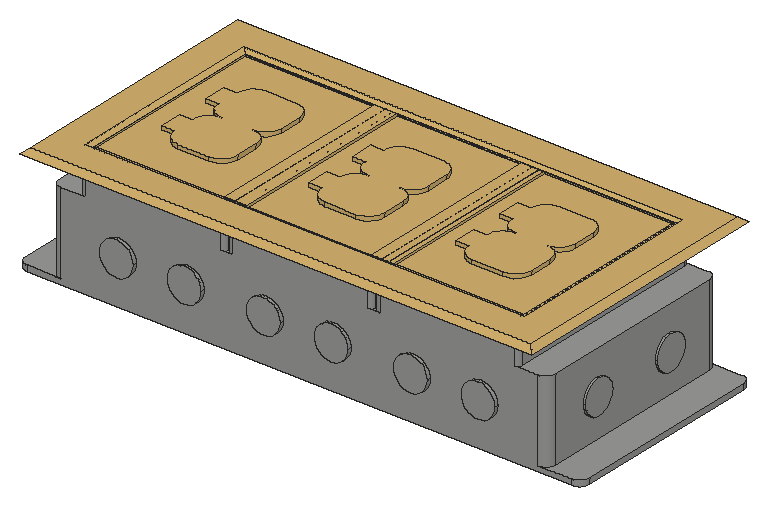
Revit family "Electrical_Equipment-Floor_Box-Hubbell_Wiring-3_Gang-Rectangular_Stamped_Steel-B2423", category Electrical Fixtures, host Face, Revit 2015
Parameters (values of type "B2423 - 3 Gang - Brass Collar")
  Unit Height [instance] = 0' - 2 3/4"  # constant formula
  URL = "http://www.hubbell-wiring.com/"
  Right Cover Type [instance] = Covers : S3825 - Duplex Flap - Brass
  Product data url = "https://bimobject.com/hubbellwiring/product/systemone-b2423"
  Product Page URL = "http://ecatalog.hubbell-wiring.com/productinformation/viewcatalog.aspx?Dest=hubbell-wiring.com/press/catalog/L.pdf&Page=4"
  Product Documentation Link = "http://ecatalog.hubbell-wiring.com/press/catalog/L-13.pdf"
  Model = "B2423"
  Manufacturer = "Hubbell-Wiring"  # constant formula
  Left Cover Type [instance] = Covers : S3825 - Duplex Flap - Brass
  Floor Box Type = Stamped Steel Concrete Floor Box : B2423 - Shallow Concrete Floor Box
  Description = "Flush Rectangular Stamped Steel Concrete Floor Box"  # constant formula
  Default Elevation = 0' - 0"
  Cover Accessory Type [instance] = Carpet Flange : SB3085 - Carpet Flange - Brass
  Construction Note [instance] = "Match Collar Material to Covers"  # constant formula
  Conduit Connector_9 Description = "Conduit 0.75in. or 0.5in. Connection"
  Conduit Connector_8 Description = "Conduit 0.75in. or 0.5in. Connection"
  Conduit Connector_7 Description = "Conduit 0.75in. or 0.5in. Connection"
  Conduit Connector_6 Description = "Conduit 0.75in. or 0.5in. Connection"
  Conduit Connector_5 Description = "Conduit 0.75in. or 0.5in. Connection"
  Conduit Connector_4 Description = "Conduit 0.75in. or 0.5in. Connection"
  Conduit Connector_3 Description = "Conduit 0.75in. or 0.5in. Connection"
  Conduit Connector_22 Description = "Conduit 1.25in, 1.0in or 0.75in. Connection"
  Conduit Connector_21 Description = "Conduit 1.25in, 1.0in or 0.75in. Connection"
  Conduit Connector_20 Description = "Conduit 1.25in, 1.0in or 0.75in. Connection"
  Conduit Connector_2 Description = "Conduit 0.75in. or 0.5in. Connection"
  Conduit Connector_19 Description = "Conduit 1.25in, 1.0in or 0.75in. Connection"
  Conduit Connector_18 Description = "Conduit 1.25in, 1.0in or 0.75in. Connection"
  Conduit Connector_17 Description = "Conduit 1.25in, 1.0in or 0.75in. Connection"
  Conduit Connector_16 Description = "Conduit 0.75in. or 0.5in. Connection"
  Conduit Connector_15 Description = "Conduit 0.75in. or 0.5in. Connection"
  Conduit Connector_14 Description = "Conduit 0.75in. or 0.5in. Connection"
  Conduit Connector_13 Description = "Conduit 0.75in. or 0.5in. Connection"
  Conduit Connector_12 Description = "Conduit 0.75in. or 0.5in. Connection"
  Conduit Connector_11 Description = "Conduit 0.75in. or 0.5in. Connection"
  Conduit Connector_10 Description = "Conduit 0.75in. or 0.5in. Connection"
  Conduit Connector_1 Description = "Conduit 0.75in. or 0.5in. Connection"
  Conduit Connector 2 Radius = 0' - 0 5/8"
  Conduit Connector 1 Radius = 0' - 0 3/8"
  Collar Material = Metal-Hubbell-Brass
  Center Cover Type [instance] = Covers : S3825 - Duplex Flap - Brass
  Box Material = Metal-Hubbell-Stamped Steel
  Assembly Code = "D5020115"
Reference planes (in)
  plane 1 "Center (Front/Back)": y = 0
  plane 2: z = 0
  plane 3 "Center (Left/Right)": x = 0
  plane 4: y = -2.078
  plane 5: y = 2.078
  plane 6: x = -4.8627
  plane 7: x = 4.8627
Forms (in)
  Extrusion 1, void, detail levels fine
    sketch origin (0, 0, 0) x (1, 0, 0) y (0, 1, 0)
      loop
        line (-4.8627, 2.078) -> (-4.8627, -2.078) -> (4.8627, -2.078) -> (4.8627, 2.078) -> (-4.8627, 2.078)
    from 0 to -3.71875
Lines and regions (in)
  symbolic lines
    curve 1: line (-5.66992, -3, 0) -> (5.66992, -3, 0)
    curve 2: line (-5.66992, 3, 0) -> (-5.66992, -3, 0)
    curve 3: line (5.66992, 3, 0) -> (-5.66992, 3, 0)
    curve 4: line (5.66992, -3, 0) -> (5.66992, 3, 0)
Dimensions and locks (in)
  host face to nested 2 = 0' - 0 11/256"
  plane 5 to plane 1 "Center (Front/Back)" to plane 4 = 0' - 2.078" locked, 0' - 2.078" locked
  plane 6 to plane 3 "Center (Left/Right)" to plane 7 = 0' - 4.8627", 0' - 4.8627"
  Extrusion 1 to plane 3 "Center (Left/Right)" = 0' - 4.8627"
  plane 6 to plane 3 "Center (Left/Right)" to plane 7 = 0' - 4.8627" locked, 0' - 4.8627" locked
  host face to nested 5 = 0' - 1 3/4"
  locked: host face to nested 2 at 0.09313
  locked: nested 5 to host face at 0.0625
  aligned and locked: plane 2 to host face
  aligned and locked: level to host face
  aligned: level to Extrusion 1
  aligned and locked: plane 1 "Center (Front/Back)" to nested 1
  aligned and locked: plane 3 "Center (Left/Right)" to nested 1
  aligned: nested 1 to plane 2  (x3)
  aligned: nested 1 to Extrusion 1  (x2)
  aligned and locked: host face to Extrusion 1
  aligned: plane 3 "Center (Left/Right)" to nested 2
  aligned and locked: plane 1 "Center (Front/Back)" to nested 2
  aligned and locked: Extrusion 1 to plane 5
  aligned and locked: Extrusion 1 to plane 4
  aligned and locked: plane 6 to Extrusion 1
  aligned and locked: plane 7 to Extrusion 1
  aligned and locked: plane 1 "Center (Front/Back)" to nested 3
  aligned and locked: plane 3 "Center (Left/Right)" to nested 4
  aligned and locked: plane 1 "Center (Front/Back)" to nested 4
  aligned: plane 2 to nested 2
  aligned and locked: nested 1 to plane 2
  aligned and locked: nested 2 to nested 4
  aligned and locked: nested 2 to nested 3
  aligned and locked: curve 1 to nested 1
  aligned and locked: curve 2 to nested 1
  aligned and locked: curve 3 to nested 1
  aligned and locked: curve 4 to nested 1
Nested families (in)
  nested 1: "Carpet Flange" at (0, 0, 0), type <- "Cover Accessory Type", type "SB3085 - Carpet Flange - Brass"
  nested 2: "Covers" at (-3.25824, 0, -0.04297), type <- "Left Cover Type", type "S3825 - Duplex Flap - Brass"
  nested 3: "Covers" at (3.2578, 0, -0.04297), type <- "Right Cover Type", type "S3825 - Duplex Flap - Brass"
  nested 4: "Covers" at (0, 0, -0.04297), type <- "Center Cover Type", type "S3825 - Duplex Flap - Brass"
  nested 5: "Stamped Steel Concrete Floor Box" at (0, 0, 0), Unit Height <- "Unit Height", type <- "Floor Box Type", type "B2423 - Shallow Concrete Floor Box"
    with Unit Height 0' - 2 3/4"
Connectors (in)
  cabletrayconduit at (-4.00824, -2.4075, -1.75), diameter 0.75, driven by "Conduit Connector 1 Radius", driven by "Conduit Connector_1 Description"
    settings: on nested 5, index 1, connector width 1' - 0", connector height 1' - 0", connector angle 0.00°, system type 32, placement type 0, profile type 0, connector reference index -1, is primary connector yes, connector utility param no, connector description "Conduit 0.75in. or 0.5in. Connection"
  cabletrayconduit at (-2.50824, -2.4075, -1.75), diameter 0.75, driven by "Conduit Connector 1 Radius", driven by "Conduit Connector_2 Description"
    settings: on nested 5, index 2, connector width 1' - 0", connector height 1' - 0", connector angle 0.00°, system type 32, placement type 0, profile type 0, connector reference index -1, is primary connector no, connector utility param no, connector description "Conduit 0.75in. or 0.5in. Connection"
  cabletrayconduit at (-0.74956, -2.4075, -1.75), diameter 0.75, driven by "Conduit Connector 1 Radius", driven by "Conduit Connector_3 Description"
    settings: on nested 5, index 3, connector width 1' - 0", connector height 1' - 0", connector angle 0.00°, system type 32, placement type 0, profile type 0, connector reference index -1, is primary connector no, connector utility param no, connector description "Conduit 0.75in. or 0.5in. Connection"
  cabletrayconduit at (0.75044, -2.4075, -1.75), diameter 0.75, driven by "Conduit Connector 1 Radius", driven by "Conduit Connector_4 Description"
    settings: on nested 5, index 4, connector width 1' - 0", connector height 1' - 0", connector angle 0.00°, system type 32, placement type 0, profile type 0, connector reference index -1, is primary connector no, connector utility param no, connector description "Conduit 0.75in. or 0.5in. Connection"
  cabletrayconduit at (2.50824, -2.4075, -1.75), diameter 0.75, driven by "Conduit Connector 1 Radius", driven by "Conduit Connector_5 Description"
    settings: on nested 5, index 5, connector width 1' - 0", connector height 1' - 0", connector angle 0.00°, system type 32, placement type 0, profile type 0, connector reference index -1, is primary connector no, connector utility param no, connector description "Conduit 0.75in. or 0.5in. Connection"
  cabletrayconduit at (4.00824, -2.4075, -1.75), diameter 0.75, driven by "Conduit Connector 1 Radius", driven by "Conduit Connector_6 Description"
    settings: on nested 5, index 6, connector width 1' - 0", connector height 1' - 0", connector angle 0.00°, system type 32, placement type 0, profile type 0, connector reference index -1, is primary connector no, connector utility param no, connector description "Conduit 0.75in. or 0.5in. Connection"
  cabletrayconduit at (5.55938, -1, -1.75), diameter 0.75, driven by "Conduit Connector 1 Radius", driven by "Conduit Connector_7 Description"
    settings: on nested 5, index 7, connector width 1' - 0", connector height 1' - 0", connector angle 0.00°, system type 32, placement type 0, profile type 0, connector reference index -1, is primary connector no, connector utility param no, connector description "Conduit 0.75in. or 0.5in. Connection"
  cabletrayconduit at (5.55938, 1, -1.75), diameter 0.75, driven by "Conduit Connector 1 Radius", driven by "Conduit Connector_8 Description"
    settings: on nested 5, index 8, connector width 1' - 0", connector height 1' - 0", connector angle 0.00°, system type 32, placement type 0, profile type 0, connector reference index -1, is primary connector no, connector utility param no, connector description "Conduit 0.75in. or 0.5in. Connection"
  cabletrayconduit at (4.00824, 2.4075, -1.75), diameter 0.75, driven by "Conduit Connector 1 Radius", driven by "Conduit Connector_9 Description"
    settings: on nested 5, index 9, connector width 1' - 0", connector height 1' - 0", connector angle 0.00°, system type 32, placement type 0, profile type 0, connector reference index -1, is primary connector no, connector utility param no, connector description "Conduit 0.75in. or 0.5in. Connection"
  cabletrayconduit at (2.50824, 2.4075, -1.75), diameter 0.75, driven by "Conduit Connector 1 Radius", driven by "Conduit Connector_10 Description"
    settings: on nested 5, index 10, connector width 1' - 0", connector height 1' - 0", connector angle 0.00°, system type 32, placement type 0, profile type 0, connector reference index -1, is primary connector no, connector utility param no, connector description "Conduit 0.75in. or 0.5in. Connection"
  cabletrayconduit at (0.75044, 2.4075, -1.75), diameter 0.75, driven by "Conduit Connector 1 Radius", driven by "Conduit Connector_11 Description"
    settings: on nested 5, index 11, connector width 1' - 0", connector height 1' - 0", connector angle 0.00°, system type 32, placement type 0, profile type 0, connector reference index -1, is primary connector no, connector utility param no, connector description "Conduit 0.75in. or 0.5in. Connection"
  cabletrayconduit at (-0.74956, 2.4075, -1.75), diameter 0.75, driven by "Conduit Connector 1 Radius", driven by "Conduit Connector_12 Description"
    settings: on nested 5, index 12, connector width 1' - 0", connector height 1' - 0", connector angle 0.00°, system type 32, placement type 0, profile type 0, connector reference index -1, is primary connector no, connector utility param no, connector description "Conduit 0.75in. or 0.5in. Connection"
  cabletrayconduit at (-2.50824, 2.4075, -1.75), diameter 0.75, driven by "Conduit Connector 1 Radius", driven by "Conduit Connector_13 Description"
    settings: on nested 5, index 13, connector width 1' - 0", connector height 1' - 0", connector angle 0.00°, system type 32, placement type 0, profile type 0, connector reference index -1, is primary connector no, connector utility param no, connector description "Conduit 0.75in. or 0.5in. Connection"
  cabletrayconduit at (-4.00824, 2.4075, -1.75), diameter 0.75, driven by "Conduit Connector 1 Radius", driven by "Conduit Connector_14 Description"
    settings: on nested 5, index 14, connector width 1' - 0", connector height 1' - 0", connector angle 0.00°, system type 32, placement type 0, profile type 0, connector reference index -1, is primary connector no, connector utility param no, connector description "Conduit 0.75in. or 0.5in. Connection"
  cabletrayconduit at (-5.56562, 1, -1.75), diameter 0.75, driven by "Conduit Connector 1 Radius", driven by "Conduit Connector_15 Description"
    settings: on nested 5, index 15, connector width 1' - 0", connector height 1' - 0", connector angle 0.00°, system type 32, placement type 0, profile type 0, connector reference index -1, is primary connector no, connector utility param no, connector description "Conduit 0.75in. or 0.5in. Connection"
  cabletrayconduit at (-5.56562, -1, -1.75), diameter 0.75, driven by "Conduit Connector 1 Radius", driven by "Conduit Connector_16 Description"
    settings: on nested 5, index 16, connector width 1' - 0", connector height 1' - 0", connector angle 0.00°, system type 32, placement type 0, profile type 0, connector reference index -1, is primary connector no, connector utility param no, connector description "Conduit 0.75in. or 0.5in. Connection"
  cabletrayconduit at (-3.25824, -1, -2.8125), diameter 1.25, driven by "Conduit Connector 2 Radius", driven by "Conduit Connector_17 Description"
    settings: on nested 5, index 17, connector width 1' - 0", connector height 1' - 0", connector angle 0.00°, system type 32, placement type 0, profile type 0, connector reference index -1, is primary connector no, connector utility param no, connector description "Conduit 1.25in, 1.0in or 0.75in. Connection"
  cabletrayconduit at (0, -1, -2.8125), diameter 1.25, driven by "Conduit Connector 2 Radius", driven by "Conduit Connector_18 Description"
    settings: on nested 5, index 18, connector width 1' - 0", connector height 1' - 0", connector angle 0.00°, system type 32, placement type 0, profile type 0, connector reference index -1, is primary connector no, connector utility param no, connector description "Conduit 1.25in, 1.0in or 0.75in. Connection"
  cabletrayconduit at (3.25824, -1, -2.8125), diameter 1.25, driven by "Conduit Connector 2 Radius", driven by "Conduit Connector_19 Description"
    settings: on nested 5, index 19, connector width 1' - 0", connector height 1' - 0", connector angle 0.00°, system type 32, placement type 0, profile type 0, connector reference index -1, is primary connector no, connector utility param no, connector description "Conduit 1.25in, 1.0in or 0.75in. Connection"
  cabletrayconduit at (3.25824, 1, -2.8125), diameter 1.25, driven by "Conduit Connector 2 Radius", driven by "Conduit Connector_20 Description"
    settings: on nested 5, index 20, connector width 1' - 0", connector height 1' - 0", connector angle 0.00°, system type 32, placement type 0, profile type 0, connector reference index -1, is primary connector no, connector utility param no, connector description "Conduit 1.25in, 1.0in or 0.75in. Connection"
  cabletrayconduit at (0, 1, -2.8125), diameter 1.25, driven by "Conduit Connector 2 Radius", driven by "Conduit Connector_21 Description"
    settings: on nested 5, index 21, connector width 1' - 0", connector height 1' - 0", connector angle 0.00°, system type 32, placement type 0, profile type 0, connector reference index -1, is primary connector no, connector utility param no, connector description "Conduit 1.25in, 1.0in or 0.75in. Connection"
  cabletrayconduit at (-3.25824, 1, -2.8125), diameter 1.25, driven by "Conduit Connector 2 Radius", driven by "Conduit Connector_22 Description"
    settings: on nested 5, index 22, connector width 1' - 0", connector height 1' - 0", connector angle 0.00°, system type 32, placement type 0, profile type 0, connector reference index -1, is primary connector no, connector utility param no, connector description "Conduit 1.25in, 1.0in or 0.75in. Connection"
Definition of nested family "Carpet Flange"
  Parameters
    Width = 0' - 6"
    Length = 0' - 11 87/256"  # constant formula
    Cover Material = none
    Carpet Flange On = yes
    Assembly Code = ""
  Reference planes (in)
    plane 1 "Center (Front/Back)": y = 0
    plane 2: z = 0
    plane 3 "Center (Left/Right)": x = 0
    plane 4: z = 0.125
  Forms (in)
    Sweep 1, solid, material <- "Cover Material", visible <- "Carpet Flange On"
      path in 3D
        loop
          line (-5.66992, -3, 0) -> (5.66992, -3, 0) -> (5.66992, 3, 0) -> (-5.66992, 3, 0) -> (-5.66992, -3, 0)
      profile origin (-5.66992, 0, 0) x (1, 0, 0) y (0, 0, 1)
        loop
          line (0, 0) -> (0.91498, 0) -> (0.91498, 0.03877) -> (0.79, 0.125) -> (0.125, 0.125) -> (0, 0)
  Lines and regions (in)
    Masking region 1
      outline origin (3.27995, 0.00006, 0) x (1, 0, 0) y (0, 1, 0)
        loop
          line (-8.94987, 3.00006) -> (-8.94987, -3.00006) -> (2.38997, -3.00006) -> (2.38997, 3.00006) -> (-8.94987, 3.00006)
    reference lines
      curve 1: line (-5.66992, 3, 0) -> (-5.66992, -3, 0)
      curve 2: line (-5.66992, -3, 0) -> (5.66992, -3, 0)
      curve 3: line (5.66992, -3, 0) -> (5.66992, 3, 0)
      curve 4: line (5.66992, 3, 0) -> (-5.66992, 3, 0)
    sketch lines
      curve 5: line (-5.66992, 3, 0) -> (-5.66992, -3, 0)
      curve 6: line (5.66992, 3, 0) -> (-5.66992, 3, 0)
      curve 7: line (5.66992, -3, 0) -> (5.66992, 3, 0)
      curve 8: line (-5.66992, -3, 0) -> (5.66992, -3, 0)
  Dimensions and locks (in)
    "Length": curve 1 to curve 3
    equal spacing: curve 1, plane 3 "Center (Left/Right)", curve 3
    aligned and locked: plane 2 to level
    aligned and locked: curve 7 to curve 3
    aligned and locked: Masking region 1 to curve 3
    aligned and locked: Masking region 1 to curve 1
    aligned and locked: curve 5 to curve 1
  Automatic sketch dimensions
    plane 1 "Center (Front/Back)" to curve 1 = 0' - 3"
    curve 3 to plane 1 "Center (Front/Back)" = 0' - 3"
    Masking region 1 sketch curve to plane 3 "Center (Left/Right)" = 0' - 5.66992"
    plane 3 "Center (Left/Right)" to Masking region 1 sketch curve = 0' - 5.66992"
    plane 1 "Center (Front/Back)" to Masking region 1 sketch curve = 0' - 3"
    Masking region 1 sketch curve to plane 1 "Center (Front/Back)" = 0' - 3.00011"
    profile plane to Sweep 1 sketch curve = 0' - 0"  (x2)
    Sweep 1 sketch curve to plane 4 = 0' - 0"
    Sweep 1 sketch curve to profile plane = 0' - 0"  (x2)
    Sweep 1 sketch curve to profile plane = 0' - 0 1/8"
    Sweep 1 sketch curve to Sweep 1 sketch curve = 0' - 0.665"
    Sweep 1 sketch curve to Sweep 1 sketch curve = 0' - 0 1/8"
    profile plane to Sweep 1 sketch curve = 0' - 0.03877"
Definition of nested family "Covers"
  Parameters
    Style Line Flap = no
    Duplex Screw = no
    Duplex Flap = yes
    Cover Material = none
    Combination Flap = no
    Box = yes
    Assembly Code = ""
  Reference planes (in)
    plane 1 "Center (Front/Back)": y = 0
    plane 2: z = 0
    plane 3 "Center (Left/Right)": x = 0
  Forms (in)
    Extrusion 1, solid, material <- "Cover Material", visible <- "Duplex Flap", detail levels medium+fine
      sketch origin (0, 0, -0.03016) x (1, 0, 0) y (0, 1, 0)
        loop
          arc (-0.34332, 1.20711) -> (-0.59332, 1.10355) -> (-0.69687, 0.85355) r 0.35355
          line (-0.69687, 0.85355) -> (-0.98976, 0.85355) -> (-0.98976, 0.35355) -> (-0.69687, 0.35355)
          arc (-0.69687, 0.35355) -> (-0.59332, 0.10355) -> (-0.34332, 0) r 0.35355
          arc (-0.34332, 0) -> (-0.59332, -0.10355) -> (-0.69687, -0.35355) r 0.35355
          line (-0.69687, -0.35355) -> (-0.98976, -0.35355) -> (-0.98976, -0.85355) -> (-0.69687, -0.85355)
          arc (-0.69687, -0.85355) -> (-0.59332, -1.10355) -> (-0.34332, -1.20711) r 0.35355
          line (-0.34332, -1.20711) -> (0.34332, -1.20711)
          arc (0.34332, -1.20711) -> (0.59332, -1.10355) -> (0.69687, -0.85355) r 0.35355
          line (0.69687, -0.85355) -> (0.69687, -0.35355)
          arc (0.69687, -0.35355) -> (0.59332, -0.10355) -> (0.34332, 0) r 0.35355
          arc (0.34332, 0) -> (0.59332, 0.10355) -> (0.69687, 0.35355) r 0.35355
          line (0.69687, 0.35355) -> (0.69687, 0.85355)
          arc (0.69687, 0.85355) -> (0.59332, 1.10355) -> (0.34332, 1.20711) r 0.35355
          line (0.34332, 1.20711) -> (-0.34332, 1.20711)
      from 0.12 to 0.20228
    Extrusion 2, solid, material <- "Cover Material", visible <- "Combination Flap", detail levels medium+fine
      sketch origin (0.0053, 0, -0.03016) x (1, 0, 0) y (0, 1, 0)
        loop
          circle (0, 0) r 1
        loop
          line (-0.08565, 0.54465) -> (-0.08565, -0.54465) -> (0.0625, -0.54465) -> (0.0625, 0.54465) -> (-0.08565, 0.54465)
      from 0.12 to 0.20228
    Extrusion 3, solid, material <- "Cover Material", visible <- "Duplex Screw", detail levels medium+fine
      sketch origin (0.01567, 0.75003, -0.03016) x (1, 0, 0) y (0, 1, 0)
        loop
          circle (-0.01567, -0.00003) r 0.75
        loop
          line (-0.07309, 0.39733) -> (-0.07309, -0.41965) -> (0.0625, -0.41965) -> (0.0625, 0.39733) -> (-0.07309, 0.39733)
      from 0.12 to 0.20228
    Extrusion 4, solid, material <- "Cover Material", visible <- "Duplex Screw", detail levels medium+fine
      sketch origin (-0.01567, -0.75003, -0.03016) x (-1, 0, 0) y (0, -1, 0)
        loop
          circle (-0.01567, -0.00003) r 0.75
        loop
          line (-0.07309, 0.39733) -> (-0.07309, -0.41965) -> (0.0625, -0.41965) -> (0.0625, 0.39733) -> (-0.07309, 0.39733)
      from 0.12 to 0.20228
    Extrusion 5, solid, material <- "Cover Material", visible <- "Box"
      sketch origin (0, 0, 0.38984) x (1, 0, 0) y (0, 1, 0)
        loop
          line (-1.4965, 2.078) -> (-1.4965, -2.078) -> (1.4965, -2.078) -> (1.4965, 2.078) -> (-1.4965, 2.078)
      from -0.44 to -0.3
    Extrusion 6, solid, material <- "Cover Material", visible <- "Style Line Flap", detail levels medium+fine
      sketch origin (0, 0, -0.03016) x (1, 0, 0) y (0, 1, 0)
        loop
          line (-0.69687, 1.20711) -> (-0.69687, 0.85355) -> (-0.98976, 0.85355) -> (-0.98976, 0.35355) -> (-0.69687, 0.35355) -> (-0.69687, -0.35355) -> (-0.98976, -0.35355) -> (-0.98976, -0.85355) -> (-0.69687, -0.85355) -> (-0.69687, -1.20711) -> (0.69687, -1.20711) -> (0.69687, -0.24767) -> (0.69687, 1.20711) -> (-0.69687, 1.20711)
      from 0.12 to 0.20228
  Lines and regions (in)
    Masking region 1, detail levels medium+fine
      outline origin (0, 0, 0) x (1, 0, 0) y (0, 1, 0)
        loop
          line (-1.4965, 2.078) -> (-1.4965, -2.078) -> (1.4965, -2.078) -> (1.4965, 2.078) -> (-1.4965, 2.078)
    symbolic lines, visible <- "Duplex Screw", detail levels fine
      curve 1: arc (0, 1.5, 0) -> (-0.75, 0.75, 0) -> (0, 0, 0) r 0.75
      curve 2: arc (0, 0, 0) -> (0.75, 0.75, 0) -> (0, 1.5, 0) r 0.75
      curve 3: line (0.07893, 1.16886, 0) -> (0.07893, 0.35188, 0)
      curve 4: line (0.07893, 0.35188, 0) -> (-0.05666, 0.35188, 0)
      curve 5: line (-0.05666, 0.35188, 0) -> (-0.05666, 1.16886, 0)
      curve 6: line (-0.05666, 1.16886, 0) -> (0.07893, 1.16886, 0)
      curve 7: arc (0, 0, 0) -> (-0.75, -0.75, 0) -> (0, -1.5, 0) r 0.75
      curve 8: arc (0, -1.5, 0) -> (0.75, -0.75, 0) -> (0, 0, 0) r 0.75
      curve 9: line (-0.05666, -1.14812, 0) -> (-0.05666, -0.33114, 0)
      curve 10: line (0.07893, -1.14812, 0) -> (-0.05666, -1.14812, 0)
      curve 11: line (0.07893, -0.33114, 0) -> (0.07893, -1.14812, 0)
      curve 12: line (-0.05666, -0.33114, 0) -> (0.07893, -0.33114, 0)
    symbolic lines, visible <- "Duplex Flap", detail levels fine
      curve 13: arc (-0.69687, -0.85355, 0) -> (-0.59332, -1.10355, 0) -> (-0.34332, -1.20711, 0) r 0.35355
      curve 14: line (-0.34332, -1.20711, 0) -> (0.34332, -1.20711, 0)
      curve 15: arc (0.34332, -1.20711, 0) -> (0.59332, -1.10355, 0) -> (0.69687, -0.85355, 0) r 0.35355
      curve 16: line (0.69687, -0.85355, 0) -> (0.69687, -0.35355, 0)
      curve 17: arc (0.69687, -0.35355, 0) -> (0.59332, -0.10355, 0) -> (0.34332, 0, 0) r 0.35355
      curve 18: arc (0.34332, 0, 0) -> (0.59332, 0.10355, 0) -> (0.69687, 0.35355, 0) r 0.35355
      curve 19: line (0.69687, 0.35355, 0) -> (0.69687, 0.85355, 0)
      curve 20: arc (0.69687, 0.85355, 0) -> (0.59332, 1.10355, 0) -> (0.34332, 1.20711, 0) r 0.35355
      curve 21: line (0.34332, 1.20711, 0) -> (-0.34332, 1.20711, 0)
      curve 22: arc (-0.34332, 1.20711, 0) -> (-0.59332, 1.10355, 0) -> (-0.69687, 0.85355, 0) r 0.35355
      curve 23: line (-0.69687, 0.85355, 0) -> (-0.98976, 0.85355, 0)
      curve 24: line (-0.98976, 0.85355, 0) -> (-0.98976, 0.35355, 0)
      curve 25: line (-0.98976, 0.35355, 0) -> (-0.69687, 0.35355, 0)
      curve 26: arc (-0.69687, 0.35355, 0) -> (-0.59332, 0.10355, 0) -> (-0.34332, 0, 0) r 0.35355
      curve 27: arc (-0.34332, 0, 0) -> (-0.59332, -0.10355, 0) -> (-0.69687, -0.35355, 0) r 0.35355
      curve 28: line (-0.69687, -0.35355, 0) -> (-0.98976, -0.35355, 0)
      curve 29: line (-0.98976, -0.35355, 0) -> (-0.98976, -0.85355, 0)
      curve 30: line (-0.98976, -0.85355, 0) -> (-0.69687, -0.85355, 0)
    symbolic lines, visible <- "Combination Flap", detail levels fine
      curve 31: arc (-0.9947, 0, 0) -> (0.0053, -1, 0) -> (1.0053, 0, 0) r 1
      curve 32: arc (1.0053, 0, 0) -> (0.0053, 1, 0) -> (-0.9947, 0, 0) r 1
      curve 33: line (-0.08035, -0.54465, 0) -> (-0.08035, 0.54465, 0)
      curve 34: line (-0.08035, 0.54465, 0) -> (0.0678, 0.54465, 0)
      curve 35: line (0.0678, 0.54465, 0) -> (0.0678, -0.54465, 0)
      curve 36: line (0.0678, -0.54465, 0) -> (-0.08035, -0.54465, 0)
    symbolic lines, visible <- "Style Line Flap", detail levels fine
      curve 37: line (0.69687, 1.20711, 0) -> (-0.69687, 1.20711, 0)
      curve 38: line (-0.69687, 1.20711, 0) -> (-0.69687, 0.85355, 0)
      curve 39: line (-0.69687, 0.85355, 0) -> (-0.98976, 0.85355, 0)
      curve 40: line (-0.98976, 0.85355, 0) -> (-0.98976, 0.35355, 0)
      curve 41: line (-0.98976, 0.35355, 0) -> (-0.69687, 0.35355, 0)
      curve 42: line (-0.69687, 0.35355, 0) -> (-0.69687, -0.35355, 0)
      curve 43: line (-0.69687, -0.35355, 0) -> (-0.98976, -0.35355, 0)
      curve 44: line (-0.98976, -0.35355, 0) -> (-0.98976, -0.85355, 0)
      curve 45: line (-0.98976, -0.85355, 0) -> (-0.69687, -0.85355, 0)
      curve 46: line (-0.69687, -0.85355, 0) -> (-0.69687, -1.20711, 0)
      curve 47: line (-0.69687, -1.20711, 0) -> (0.69687, -1.20711, 0)
      curve 48: line (0.69687, -1.20711, 0) -> (0.69687, -0.24767, 0)
      curve 49: line (0.69687, -0.24767, 0) -> (0.69687, 1.20711, 0)
  Dimensions and locks (in)
    aligned and locked: plane 2 to level
Definition of nested family "Stamped Steel Concrete Floor Box"
  Parameters
    Unit Height [instance] = 0' - 2 3/4"  # constant formula
    Cover Material = none
    Conduit Connector Offset = 0' - 1"  # constant formula
    Conduit Connector 2 Radius = 0' - 0 5/8"
    Conduit Connector 1 Radius = 0' - 0 3/8"
    Can Material = none
    Assembly Code = ""
  Reference planes (in)
    plane 1 "Center (Front/Back)": y = 0
    plane 2: z = 0
    plane 3 "Center (Left/Right)": x = 0
    plane 4: z = -2.75
    plane 5: z = -1.75
    plane 6: z = -0.82416
    plane 7: z = -2.625
    plane 8: x = -3.25824
    plane 9: x = 3.2578
  Forms (in)
    Extrusion 1, solid, material <- "Can Material"
      sketch origin (0.92025, 0.30752, 7.9375) x (1, 0, 0) y (0, 1, 0)
        loop
          arc (-6.21356, 2.03748) -> (-6.36192, 1.97602) -> (-6.42337, 1.82766) r 0.20982
          line (-6.42337, 1.82766) -> (-6.42337, -2.43885)
          arc (-6.42337, -2.43885) -> (-6.36267, -2.5854) -> (-6.21613, -2.6461) r 0.20725
          line (-6.21613, -2.6461) -> (4.36024, -2.6461)
          arc (4.36024, -2.6461) -> (4.51325, -2.58272) -> (4.57663, -2.42971) r 0.21639
          line (4.57663, -2.42971) -> (4.57663, 1.83391)
          arc (4.57663, 1.83391) -> (4.517, 1.97785) -> (4.37306, 2.03748) r 0.20357
          line (4.37306, 2.03748) -> (-6.21356, 2.03748)
      from -10.5625 to -8.76166
    Extrusion 2, solid, material <- "Can Material"
      sketch origin (0.92025, 0.30752, 7.9375) x (1, 0, 0) y (0, 1, 0)
        loop
          arc (-6.95944, 2.03748) -> (-7.1078, 1.97602) -> (-7.16925, 1.82766) r 0.20982
          line (-7.16925, 1.82766) -> (-7.16925, -2.43885)
          arc (-7.16925, -2.43885) -> (-7.10855, -2.5854) -> (-6.96201, -2.6461) r 0.20725
          line (-6.96201, -2.6461) -> (5.11436, -2.6461)
          arc (5.11436, -2.6461) -> (5.26737, -2.58272) -> (5.33075, -2.42971) r 0.21639
          line (5.33075, -2.42971) -> (5.33075, 1.83391)
          arc (5.33075, 1.83391) -> (5.27112, 1.97785) -> (5.12718, 2.03748) r 0.20357
          line (5.12718, 2.03748) -> (-6.95944, 2.03748)
      from -10.6875 to -10.5625
    Extrusion 3, solid, material <- "Cover Material"
      sketch origin (0, 0, 0) x (-1, 0, 0) y (0, -1, 0)
        loop
          line (-1.49742, -2.345) -> (1.4983, -2.345)
          arc (1.4983, -2.345) -> (1.56871, -2.31584) -> (1.59787, -2.24543) r 0.09957
          line (1.59787, -2.24543) -> (1.59787, 2.23893)
          arc (1.59787, 2.23893) -> (1.56869, 2.30939) -> (1.49823, 2.33857) r 0.09964
          line (1.49823, 2.33857) -> (-1.49756, 2.33857)
          arc (-1.49756, 2.33857) -> (-1.57315, 2.30726) -> (-1.60446, 2.23167) r 0.1069
          line (-1.60446, 2.23167) -> (-1.60446, -2.23796)
          arc (-1.60446, -2.23796) -> (-1.57311, -2.31365) -> (-1.49742, -2.345) r 0.10704
        loop
          line (-1.4965, -2.078) -> (1.4965, -2.078) -> (1.4965, 2.078) -> (-1.4965, 2.078) -> (-1.4965, -2.078)
      from 0 to 0.0625
    Extrusion 4, solid, material <- "Cover Material"
      sketch origin (0, 0, 0.22509) x (-1, 0, 0) y (0, -1, 0)
        loop
          line (-1.4965, -2.078) -> (1.4965, -2.078) -> (1.4965, 2.078) -> (-1.4965, 2.078) -> (-1.4965, -2.078)
        loop
          line (-1.49742, -2.345) -> (1.4983, -2.345)
          arc (1.4983, -2.345) -> (1.56871, -2.31584) -> (1.59787, -2.24543) r 0.09957
          line (1.59787, -2.24543) -> (1.59787, 2.23893)
          arc (1.59787, 2.23893) -> (1.56869, 2.30939) -> (1.49823, 2.33857) r 0.09964
          line (1.49823, 2.33857) -> (-1.49756, 2.33857)
          arc (-1.49756, 2.33857) -> (-1.57315, 2.30726) -> (-1.60446, 2.23167) r 0.1069
          line (-1.60446, 2.23167) -> (-1.60446, -2.23796)
          arc (-1.60446, -2.23796) -> (-1.57311, -2.31365) -> (-1.49742, -2.345) r 0.10704
      from -0.39425 to -0.22509
    Extrusion 5, solid, material <- "Can Material"
      sketch origin (0, 0, 7.9375) x (-1, 0, 0) y (0, -1, 0)
        loop
          line (-1.4965, -2.078) -> (1.4965, -2.078) -> (1.4965, 2.078) -> (-1.4965, 2.078) -> (-1.4965, -2.078)
        loop
          arc (-1.60446, -2.23796) -> (-1.57311, -2.31365) -> (-1.49742, -2.345) r 0.10704
          line (-1.49742, -2.345) -> (1.4983, -2.345)
          arc (1.4983, -2.345) -> (1.56871, -2.31584) -> (1.59787, -2.24543) r 0.09957
          line (1.59787, -2.24543) -> (1.59787, 2.23893)
          arc (1.59787, 2.23893) -> (1.56869, 2.30939) -> (1.49823, 2.33857) r 0.09964
          line (1.49823, 2.33857) -> (-1.49756, 2.33857)
          arc (-1.49756, 2.33857) -> (-1.57315, 2.30726) -> (-1.60446, 2.23167) r 0.1069
          line (-1.60446, 2.23167) -> (-1.60446, -2.23796)
      from -8.76166 to -8.10666
    Extrusion 6, solid, material <- "Cover Material"
      sketch origin (-1.62912, 0, 0) x (1, 0, 0) y (0, 1, 0)
        loop
          line (-0.25356, 2.078) -> (-0.25356, -2.078) -> (0.25356, -2.078) -> (0.25356, 2.078) -> (-0.25356, 2.078)
      from 0 to 0.07813
    Extrusion 7, solid, material <- "Cover Material"
      sketch origin (1.62912, 0, 0) x (-1, 0, 0) y (0, -1, 0)
        loop
          line (-0.25356, -2.078) -> (0.25356, -2.078) -> (0.25356, 2.078) -> (-0.25356, 2.078) -> (-0.25356, -2.078)
      from 0 to 0.07813
    Extrusion 8, solid, material <- "Can Material"
      sketch origin (0, 1, 0) x (-1, 0, 0) y (0, -1, 0)
        loop
          circle (0, 0) r 0.625
      from -2.75 to -2.8125
    Extrusion 9, solid, material <- "Can Material"
      sketch origin (0, -1, 0) x (-1, 0, 0) y (0, -1, 0)
        loop
          circle (0, 0) r 0.625
      from -2.75 to -2.8125
    Extrusion 10, solid, material <- "Cover Material"
      sketch origin (3.25824, 0, 0) x (-1, 0, 0) y (0, -1, 0)
        loop
          line (-1.49742, -2.345) -> (1.4983, -2.345)
          arc (1.4983, -2.345) -> (1.56871, -2.31584) -> (1.59787, -2.24543) r 0.09957
          line (1.59787, -2.24543) -> (1.59787, 2.23893)
          arc (1.59787, 2.23893) -> (1.56869, 2.30939) -> (1.49823, 2.33857) r 0.09964
          line (1.49823, 2.33857) -> (-1.49756, 2.33857)
          arc (-1.49756, 2.33857) -> (-1.57315, 2.30726) -> (-1.60446, 2.23167) r 0.1069
          line (-1.60446, 2.23167) -> (-1.60446, -2.23796)
          arc (-1.60446, -2.23796) -> (-1.57311, -2.31365) -> (-1.49742, -2.345) r 0.10704
        loop
          line (-1.4965, -2.078) -> (1.4965, -2.078) -> (1.4965, 2.078) -> (-1.4965, 2.078) -> (-1.4965, -2.078)
      from 0 to 0.0625
    Extrusion 11, solid, material <- "Cover Material"
      sketch origin (3.25824, 0, 0.22509) x (-1, 0, 0) y (0, -1, 0)
        loop
          line (-1.4965, -2.078) -> (1.4965, -2.078) -> (1.4965, 2.078) -> (-1.4965, 2.078) -> (-1.4965, -2.078)
        loop
          line (-1.49742, -2.345) -> (1.4983, -2.345)
          arc (1.4983, -2.345) -> (1.56871, -2.31584) -> (1.59787, -2.24543) r 0.09957
          line (1.59787, -2.24543) -> (1.59787, 2.23893)
          arc (1.59787, 2.23893) -> (1.56869, 2.30939) -> (1.49823, 2.33857) r 0.09964
          line (1.49823, 2.33857) -> (-1.49756, 2.33857)
          arc (-1.49756, 2.33857) -> (-1.57315, 2.30726) -> (-1.60446, 2.23167) r 0.1069
          line (-1.60446, 2.23167) -> (-1.60446, -2.23796)
          arc (-1.60446, -2.23796) -> (-1.57311, -2.31365) -> (-1.49742, -2.345) r 0.10704
      from -0.39425 to -0.22509
    Extrusion 12, solid, material <- "Can Material"
      sketch origin (3.25824, 0, 7.9375) x (-1, 0, 0) y (0, -1, 0)
        loop
          line (-1.4965, -2.078) -> (1.4965, -2.078) -> (1.4965, 2.078) -> (-1.4965, 2.078) -> (-1.4965, -2.078)
        loop
          arc (-1.60446, -2.23796) -> (-1.57311, -2.31365) -> (-1.49742, -2.345) r 0.10704
          line (-1.49742, -2.345) -> (1.4983, -2.345)
          arc (1.4983, -2.345) -> (1.56871, -2.31584) -> (1.59787, -2.24543) r 0.09957
          line (1.59787, -2.24543) -> (1.59787, 2.23893)
          arc (1.59787, 2.23893) -> (1.56869, 2.30939) -> (1.49823, 2.33857) r 0.09964
          line (1.49823, 2.33857) -> (-1.49756, 2.33857)
          arc (-1.49756, 2.33857) -> (-1.57315, 2.30726) -> (-1.60446, 2.23167) r 0.1069
          line (-1.60446, 2.23167) -> (-1.60446, -2.23796)
      from -8.76166 to -8.10666
    Extrusion 13, solid, material <- "Cover Material"
      sketch origin (-3.25824, 0, 0) x (1, 0, 0) y (0, 1, 0)
        loop
          arc (-1.49742, 2.345) -> (-1.57311, 2.31365) -> (-1.60446, 2.23796) r 0.10704
          line (-1.60446, 2.23796) -> (-1.60446, -2.23167)
          arc (-1.60446, -2.23167) -> (-1.57315, -2.30726) -> (-1.49756, -2.33857) r 0.1069
          line (-1.49756, -2.33857) -> (1.49823, -2.33857)
          arc (1.49823, -2.33857) -> (1.56869, -2.30939) -> (1.59787, -2.23893) r 0.09964
          line (1.59787, -2.23893) -> (1.59787, 2.24543)
          arc (1.59787, 2.24543) -> (1.56871, 2.31584) -> (1.4983, 2.345) r 0.09957
          line (1.4983, 2.345) -> (-1.49742, 2.345)
        loop
          line (-1.4965, 2.078) -> (-1.4965, -2.078) -> (1.4965, -2.078) -> (1.4965, 2.078) -> (-1.4965, 2.078)
      from 0 to 0.0625
    Extrusion 14, solid, material <- "Cover Material"
      sketch origin (-3.25824, 0, 0.22509) x (1, 0, 0) y (0, 1, 0)
        loop
          line (-1.4965, 2.078) -> (-1.4965, -2.078) -> (1.4965, -2.078) -> (1.4965, 2.078) -> (-1.4965, 2.078)
        loop
          arc (-1.49742, 2.345) -> (-1.57311, 2.31365) -> (-1.60446, 2.23796) r 0.10704
          line (-1.60446, 2.23796) -> (-1.60446, -2.23167)
          arc (-1.60446, -2.23167) -> (-1.57315, -2.30726) -> (-1.49756, -2.33857) r 0.1069
          line (-1.49756, -2.33857) -> (1.49823, -2.33857)
          arc (1.49823, -2.33857) -> (1.56869, -2.30939) -> (1.59787, -2.23893) r 0.09964
          line (1.59787, -2.23893) -> (1.59787, 2.24543)
          arc (1.59787, 2.24543) -> (1.56871, 2.31584) -> (1.4983, 2.345) r 0.09957
          line (1.4983, 2.345) -> (-1.49742, 2.345)
      from -0.39425 to -0.22509
    Extrusion 15, solid, material <- "Can Material"
      sketch origin (-3.25824, 0, 7.9375) x (1, 0, 0) y (0, 1, 0)
        loop
          line (-1.4965, 2.078) -> (-1.4965, -2.078) -> (1.4965, -2.078) -> (1.4965, 2.078) -> (-1.4965, 2.078)
        loop
          line (-1.60446, 2.23796) -> (-1.60446, -2.23167)
          arc (-1.60446, -2.23167) -> (-1.57315, -2.30726) -> (-1.49756, -2.33857) r 0.1069
          line (-1.49756, -2.33857) -> (1.49823, -2.33857)
          arc (1.49823, -2.33857) -> (1.56869, -2.30939) -> (1.59787, -2.23893) r 0.09964
          line (1.59787, -2.23893) -> (1.59787, 2.24543)
          arc (1.59787, 2.24543) -> (1.56871, 2.31584) -> (1.4983, 2.345) r 0.09957
          line (1.4983, 2.345) -> (-1.49742, 2.345)
          arc (-1.49742, 2.345) -> (-1.57311, 2.31365) -> (-1.60446, 2.23796) r 0.10704
      from -8.76166 to -8.10666
    Extrusion 16, solid, material <- "Can Material"
      sketch origin (-3.25824, 1, 0) x (-1, 0, 0) y (0, -1, 0)
        loop
          circle (0, 0) r 0.625
      from -2.75 to -2.8125
    Extrusion 17, solid, material <- "Can Material"
      sketch origin (-3.25824, -1, 0) x (-1, 0, 0) y (0, -1, 0)
        loop
          circle (0, 0) r 0.625
      from -2.75 to -2.8125
    Extrusion 18, solid, material <- "Can Material"
      sketch origin (3.25824, 1, 0) x (1, 0, 0) y (0, 1, 0)
        loop
          circle (0, 0) r 0.625
      from -2.75 to -2.8125
    Extrusion 19, solid, material <- "Can Material"
      sketch origin (3.25824, -1, 0) x (1, 0, 0) y (0, 1, 0)
        loop
          circle (0, 0) r 0.625
      from -2.75 to -2.8125
    Extrusion 20, solid, material <- "Can Material"
      sketch origin (-4.00824, 0, 0) x (1, 0, 0) y (0, 0, 1)
        loop
          arc (-0.375, -1.75) -> (-0.26517, -2.01517) -> (0, -2.125) r 0.375
          arc (0, -2.125) -> (0.26517, -2.01517) -> (0.375, -1.75) r 0.375
          arc (0.375, -1.75) -> (0.26517, -1.48483) -> (0, -1.375) r 0.375
          arc (0, -1.375) -> (-0.26517, -1.48483) -> (-0.375, -1.75) r 0.375
      from -2.345 to -2.4075
    Extrusion 21, solid, material <- "Can Material"
      sketch origin (-4.00824, 0, 0) x (1, 0, 0) y (0, 0, -1)
        loop
          arc (-0.375, 1.75) -> (-0.26517, 1.48483) -> (0, 1.375) r 0.375
          arc (0, 1.375) -> (0.26517, 1.48483) -> (0.375, 1.75) r 0.375
          arc (0.375, 1.75) -> (0.26517, 2.01517) -> (0, 2.125) r 0.375
          arc (0, 2.125) -> (-0.26517, 2.01517) -> (-0.375, 1.75) r 0.375
      from -2.13518 to -2.4075
    Extrusion 22, solid, material <- "Can Material"
      sketch origin (-2.50824, 0, 0) x (-1, 0, 0) y (0, 0, -1)
        loop
          arc (-0.375, 1.75) -> (-0.26517, 1.48483) -> (0, 1.375) r 0.375
          arc (0, 1.375) -> (0.26517, 1.48483) -> (0.375, 1.75) r 0.375
          arc (0.375, 1.75) -> (0.26517, 2.01517) -> (0, 2.125) r 0.375
          arc (0, 2.125) -> (-0.26517, 2.01517) -> (-0.375, 1.75) r 0.375
      from -2.345 to -2.4075
    Extrusion 23, solid, material <- "Can Material"
      sketch origin (-2.50824, 0, 0) x (-1, 0, 0) y (0, 0, 1)
        loop
          arc (-0.375, -1.75) -> (-0.26517, -2.01517) -> (0, -2.125) r 0.375
          arc (0, -2.125) -> (0.26517, -2.01517) -> (0.375, -1.75) r 0.375
          arc (0.375, -1.75) -> (0.26517, -1.48483) -> (0, -1.375) r 0.375
          arc (0, -1.375) -> (-0.26517, -1.48483) -> (-0.375, -1.75) r 0.375
      from -2.13518 to -2.4075
    Extrusion 24, solid, material <- "Can Material"
      sketch origin (4.00824, 0, 0) x (-1, 0, 0) y (0, 0, -1)
        loop
          arc (-0.375, 1.75) -> (-0.26517, 1.48483) -> (0, 1.375) r 0.375
          arc (0, 1.375) -> (0.26517, 1.48483) -> (0.375, 1.75) r 0.375
          arc (0.375, 1.75) -> (0.26517, 2.01517) -> (0, 2.125) r 0.375
          arc (0, 2.125) -> (-0.26517, 2.01517) -> (-0.375, 1.75) r 0.375
      from -2.345 to -2.4075
    Extrusion 25, solid, material <- "Can Material"
      sketch origin (4.00824, 0, 0) x (-1, 0, 0) y (0, 0, 1)
        loop
          arc (-0.375, -1.75) -> (-0.26517, -2.01517) -> (0, -2.125) r 0.375
          arc (0, -2.125) -> (0.26517, -2.01517) -> (0.375, -1.75) r 0.375
          arc (0.375, -1.75) -> (0.26517, -1.48483) -> (0, -1.375) r 0.375
          arc (0, -1.375) -> (-0.26517, -1.48483) -> (-0.375, -1.75) r 0.375
      from -2.13518 to -2.4075
    Extrusion 26, solid, material <- "Can Material"
      sketch origin (2.50824, 0, 0) x (1, 0, 0) y (0, 0, 1)
        loop
          arc (-0.375, -1.75) -> (-0.26517, -2.01517) -> (0, -2.125) r 0.375
          arc (0, -2.125) -> (0.26517, -2.01517) -> (0.375, -1.75) r 0.375
          arc (0.375, -1.75) -> (0.26517, -1.48483) -> (0, -1.375) r 0.375
          arc (0, -1.375) -> (-0.26517, -1.48483) -> (-0.375, -1.75) r 0.375
      from -2.345 to -2.4075
    Extrusion 27, solid, material <- "Can Material"
      sketch origin (2.50824, 0, 0) x (1, 0, 0) y (0, 0, -1)
        loop
          arc (-0.375, 1.75) -> (-0.26517, 1.48483) -> (0, 1.375) r 0.375
          arc (0, 1.375) -> (0.26517, 1.48483) -> (0.375, 1.75) r 0.375
          arc (0.375, 1.75) -> (0.26517, 2.01517) -> (0, 2.125) r 0.375
          arc (0, 2.125) -> (-0.26517, 2.01517) -> (-0.375, 1.75) r 0.375
      from -2.13518 to -2.4075
    Extrusion 28, solid, material <- "Can Material"
      sketch origin (0.75044, 0, 0) x (-1, 0, 0) y (0, 0, -1)
        loop
          arc (-0.375, 1.75) -> (-0.26517, 1.48483) -> (0, 1.375) r 0.375
          arc (0, 1.375) -> (0.26517, 1.48483) -> (0.375, 1.75) r 0.375
          arc (0.375, 1.75) -> (0.26517, 2.01517) -> (0, 2.125) r 0.375
          arc (0, 2.125) -> (-0.26517, 2.01517) -> (-0.375, 1.75) r 0.375
      from -2.345 to -2.4075
    Extrusion 29, solid, material <- "Can Material"
      sketch origin (0.75044, 0, 0) x (-1, 0, 0) y (0, 0, 1)
        loop
          arc (-0.375, -1.75) -> (-0.26517, -2.01517) -> (0, -2.125) r 0.375
          arc (0, -2.125) -> (0.26517, -2.01517) -> (0.375, -1.75) r 0.375
          arc (0.375, -1.75) -> (0.26517, -1.48483) -> (0, -1.375) r 0.375
          arc (0, -1.375) -> (-0.26517, -1.48483) -> (-0.375, -1.75) r 0.375
      from -2.13518 to -2.4075
    Extrusion 30, solid, material <- "Can Material"
      sketch origin (-0.74956, 0, 0) x (1, 0, 0) y (0, 0, 1)
        loop
          arc (-0.375, -1.75) -> (-0.26517, -2.01517) -> (0, -2.125) r 0.375
          arc (0, -2.125) -> (0.26517, -2.01517) -> (0.375, -1.75) r 0.375
          arc (0.375, -1.75) -> (0.26517, -1.48483) -> (0, -1.375) r 0.375
          arc (0, -1.375) -> (-0.26517, -1.48483) -> (-0.375, -1.75) r 0.375
      from -2.345 to -2.4075
    Extrusion 31, solid, material <- "Can Material"
      sketch origin (-0.74956, 0, 0) x (1, 0, 0) y (0, 0, -1)
        loop
          arc (-0.375, 1.75) -> (-0.26517, 1.48483) -> (0, 1.375) r 0.375
          arc (0, 1.375) -> (0.26517, 1.48483) -> (0.375, 1.75) r 0.375
          arc (0.375, 1.75) -> (0.26517, 2.01517) -> (0, 2.125) r 0.375
          arc (0, 2.125) -> (-0.26517, 2.01517) -> (-0.375, 1.75) r 0.375
      from -2.13518 to -2.4075
    Extrusion 32, solid, material <- "Can Material"
      sketch origin (0.07413, 0.75, 0) x (0, 1, 0) y (0, 0, -1)
        loop
          arc (-0.125, 1.75) -> (-0.01517, 1.48483) -> (0.25, 1.375) r 0.375
          arc (0.25, 1.375) -> (0.51517, 1.48483) -> (0.625, 1.75) r 0.375
          arc (0.625, 1.75) -> (0.51517, 2.01517) -> (0.25, 2.125) r 0.375
          arc (0.25, 2.125) -> (-0.01517, 2.01517) -> (-0.125, 1.75) r 0.375
      from -5.42275 to -5.48525
    Extrusion 33, solid, material <- "Can Material"
      sketch origin (0, 1, 0) x (0, 1, 0) y (0, 0, 1)
        loop
          arc (-0.375, -1.75) -> (-0.26517, -2.01517) -> (0, -2.125) r 0.375
          arc (0, -2.125) -> (0.26517, -2.01517) -> (0.375, -1.75) r 0.375
          arc (0.375, -1.75) -> (0.26517, -1.48483) -> (0, -1.375) r 0.375
          arc (0, -1.375) -> (-0.26517, -1.48483) -> (-0.375, -1.75) r 0.375
      from -5.50312 to -5.56562
    Extrusion 34, solid, material <- "Can Material"
      sketch origin (0.07413, -0.75, 0) x (0, -1, 0) y (0, 0, 1)
        loop
          arc (-0.125, -1.75) -> (-0.01517, -2.01517) -> (0.25, -2.125) r 0.375
          arc (0.25, -2.125) -> (0.51517, -2.01517) -> (0.625, -1.75) r 0.375
          arc (0.625, -1.75) -> (0.51517, -1.48483) -> (0.25, -1.375) r 0.375
          arc (0.25, -1.375) -> (-0.01517, -1.48483) -> (-0.125, -1.75) r 0.375
      from -5.42275 to -5.48525
    Extrusion 35, solid, material <- "Can Material"
      sketch origin (0, -1, 0) x (0, -1, 0) y (0, 0, -1)
        loop
          arc (-0.375, 1.75) -> (-0.26517, 1.48483) -> (0, 1.375) r 0.375
          arc (0, 1.375) -> (0.26517, 1.48483) -> (0.375, 1.75) r 0.375
          arc (0.375, 1.75) -> (0.26517, 2.01517) -> (0, 2.125) r 0.375
          arc (0, 2.125) -> (-0.26517, 2.01517) -> (-0.375, 1.75) r 0.375
      from -5.50312 to -5.56562
  Cuts and joins
    joined: Extrusion 1, Extrusion 2, Extrusion 5, Extrusion 8, Extrusion 9, Extrusion 12, Extrusion 15, Extrusion 16, Extrusion 17, Extrusion 18, Extrusion 19, Extrusion 20, Extrusion 21, Extrusion 22, Extrusion 23, Extrusion 24, Extrusion 25, Extrusion 26, Extrusion 27, Extrusion 28, Extrusion 29, Extrusion 30, Extrusion 31, Extrusion 32, Extrusion 33, Extrusion 34, Extrusion 35
    joined: Extrusion 13, Extrusion 14
    joined: Extrusion 3, Extrusion 4
    joined: Extrusion 10, Extrusion 11
  Dimensions and locks (in)
    "Conduit Connector Offset": plane 5 to plane 4
    "Unit Height": level to plane 4
    locked: plane 7 to plane 4 at 0.125
    "Conduit Connector 2 Radius": radius of Extrusion 8 sketch curve
    "Conduit Connector 2 Radius": radius of Extrusion 9 sketch curve
    "Conduit Connector 2 Radius": radius of Extrusion 16 sketch curve
    "Conduit Connector 2 Radius": radius of Extrusion 17 sketch curve
    "Conduit Connector 2 Radius": radius of Extrusion 18 sketch curve
    "Conduit Connector 2 Radius": radius of Extrusion 19 sketch curve
    "Conduit Connector 1 Radius": radius of Extrusion 20 sketch curve
    "Conduit Connector 1 Radius": radius of Extrusion 21 sketch curve
    "Conduit Connector 1 Radius": radius of Extrusion 22 sketch curve
    "Conduit Connector 1 Radius": radius of Extrusion 23 sketch curve
    "Conduit Connector 1 Radius": radius of Extrusion 24 sketch curve
    "Conduit Connector 1 Radius": radius of Extrusion 25 sketch curve
    "Conduit Connector 1 Radius": radius of Extrusion 26 sketch curve
    "Conduit Connector 1 Radius": radius of Extrusion 27 sketch curve
    "Conduit Connector 1 Radius": radius of Extrusion 28 sketch curve
    "Conduit Connector 1 Radius": radius of Extrusion 29 sketch curve
    "Conduit Connector 1 Radius": radius of Extrusion 30 sketch curve
    "Conduit Connector 1 Radius": radius of Extrusion 31 sketch curve
    "Conduit Connector 1 Radius": radius of Extrusion 32 sketch curve
    "Conduit Connector 1 Radius": radius of Extrusion 33 sketch curve
    "Conduit Connector 1 Radius": radius of Extrusion 34 sketch curve
    "Conduit Connector 1 Radius": radius of Extrusion 35 sketch curve
    aligned and locked: plane 2 to level
    aligned: cut or joined group 1 (Extrusion 1, Extrusion 2, Extrusion 5, Extrusion 8, Extrusion 9, Extrusion 12, Extrusion 15, Extrusion 16, Extrusion 17, Extrusion 18, Extrusion 19, Extrusion 20, Extrusion 21, Extrusion 22, Extrusion 23, Extrusion 24, Extrusion 25, Extrusion 26, Extrusion 27, Extrusion 28, Extrusion 29, Extrusion 30, Extrusion 31, Extrusion 32, Extrusion 33, Extrusion 34, Extrusion 35) to cut or joined group 1  (x10)
    aligned: Extrusion 1 to cut or joined group 1
    aligned: plane 4 to Extrusion 1
    aligned: cut or joined group 1 to plane 4  (x6)
    aligned: Extrusion 1 to plane 5
    aligned: cut or joined group 1 to plane 5
    aligned: plane 1 "Center (Front/Back)" to cut or joined group 1
    aligned and locked: Extrusion 2 to plane 4
    aligned and locked: plane 7 to Extrusion 2
    aligned and locked: cut or joined group 1 to plane 7
    aligned and locked: Extrusion 5 to Extrusion 4
    aligned and locked: Extrusion 12 to Extrusion 11
    aligned and locked: Extrusion 14 to Extrusion 15
  Automatic sketch dimensions
    Extrusion 1 sketch curve to plane 8 = 0' - 2.24488"
    Extrusion 1 sketch curve to Extrusion 1 sketch curve = 0' - 0.20725"
    Extrusion 1 sketch curve to Extrusion 1 sketch curve = 0' - 0.20982"
    Extrusion 1 sketch curve to plane 9 = 0' - 2.02269"
    Extrusion 1 sketch curve to plane 9 = 0' - 2.0355"
    Extrusion 1 sketch curve to Extrusion 1 sketch curve = 0' - 0.20357"
    plane 1 "Center (Front/Back)" to Extrusion 1 sketch curve = 0' - 2.33857"
    Extrusion 1 sketch curve to plane 1 "Center (Front/Back)" = 0' - 2.13518"
    Extrusion 2 sketch curve to plane 8 = 0' - 2.99076"
    Extrusion 2 sketch curve to Extrusion 2 sketch curve = 0' - 0.20725"
    Extrusion 2 sketch curve to Extrusion 2 sketch curve = 0' - 0.20982"
    Extrusion 2 sketch curve to plane 9 = 0' - 2.77681"
    Extrusion 2 sketch curve to plane 9 = 0' - 2.78963"
    Extrusion 2 sketch curve to Extrusion 2 sketch curve = 0' - 0.20357"
    plane 1 "Center (Front/Back)" to Extrusion 2 sketch curve = 0' - 2.33857"
    Extrusion 2 sketch curve to plane 1 "Center (Front/Back)" = 0' - 2.13518"
    plane 3 "Center (Left/Right)" to Extrusion 3 sketch curve = 0' - 1.60446"
    Extrusion 3 sketch curve to Extrusion 3 sketch curve = 0' - 0.1069"
    Extrusion 3 sketch curve to Extrusion 3 sketch curve = 0' - 0.10704"
    Extrusion 3 sketch curve to Extrusion 3 sketch curve = 0' - 0.00092"
    Extrusion 3 sketch curve to plane 3 "Center (Left/Right)" = 0' - 1.4965"
    Extrusion 3 sketch curve to Extrusion 3 sketch curve = 0' - 0.00173"
    Extrusion 3 sketch curve to Extrusion 3 sketch curve = 0' - 0.0018"
    Extrusion 3 sketch curve to Extrusion 3 sketch curve = 0' - 0.09957"
    Extrusion 3 sketch curve to plane 1 "Center (Front/Back)" = 0' - 2.345"
    Extrusion 3 sketch curve to Extrusion 3 sketch curve = 0' - 0.15996"
    plane 1 "Center (Front/Back)" to Extrusion 3 sketch curve = 0' - 2.078"
    Extrusion 3 sketch curve to Extrusion 3 sketch curve = 0' - 0.15367"
    plane 3 "Center (Left/Right)" to Extrusion 4 sketch curve = 0' - 1.60446"
    Extrusion 4 sketch curve to Extrusion 4 sketch curve = 0' - 0.1069"
    Extrusion 4 sketch curve to Extrusion 4 sketch curve = 0' - 0.10704"
    Extrusion 4 sketch curve to Extrusion 4 sketch curve = 0' - 0.00106"
    Extrusion 4 sketch curve to plane 3 "Center (Left/Right)" = 0' - 1.4965"
    Extrusion 4 sketch curve to Extrusion 4 sketch curve = 0' - 0.00173"
    Extrusion 4 sketch curve to Extrusion 4 sketch curve = 0' - 0.0018"
    Extrusion 4 sketch curve to Extrusion 4 sketch curve = 0' - 0.09964"
    Extrusion 4 sketch curve to plane 1 "Center (Front/Back)" = 0' - 2.345"
    Extrusion 4 sketch curve to Extrusion 4 sketch curve = 0' - 0.16743"
    plane 1 "Center (Front/Back)" to Extrusion 4 sketch curve = 0' - 2.078"
    Extrusion 4 sketch curve to Extrusion 4 sketch curve = 0' - 0.15367"
    plane 3 "Center (Left/Right)" to Extrusion 5 sketch curve = 0' - 1.60446"
    Extrusion 5 sketch curve to Extrusion 5 sketch curve = 0' - 0.1069"
    Extrusion 5 sketch curve to Extrusion 5 sketch curve = 0' - 0.10704"
    Extrusion 5 sketch curve to Extrusion 5 sketch curve = 0' - 0.00106"
    Extrusion 5 sketch curve to plane 3 "Center (Left/Right)" = 0' - 1.4965"
    Extrusion 5 sketch curve to Extrusion 5 sketch curve = 0' - 0.00173"
    Extrusion 5 sketch curve to Extrusion 5 sketch curve = 0' - 0.0018"
    Extrusion 5 sketch curve to Extrusion 5 sketch curve = 0' - 0.09964"
    Extrusion 5 sketch curve to plane 1 "Center (Front/Back)" = 0' - 2.345"
    Extrusion 5 sketch curve to Extrusion 5 sketch curve = 0' - 0.16743"
    plane 1 "Center (Front/Back)" to Extrusion 5 sketch curve = 0' - 2.078"
    Extrusion 5 sketch curve to Extrusion 5 sketch curve = 0' - 0.15367"
    plane 8 to Extrusion 6 sketch curve = 0' - 1.37556"
    Extrusion 6 sketch curve to Extrusion 6 sketch curve = 0' - 0.50712"
    plane 1 "Center (Front/Back)" to Extrusion 6 sketch curve = 0' - 2.078"
    Extrusion 6 sketch curve to plane 1 "Center (Front/Back)" = 0' - 2.078"
    Extrusion 7 sketch curve to plane 9 = 0' - 1.37512"
    Extrusion 7 sketch curve to Extrusion 7 sketch curve = 0' - 0.50712"
    Extrusion 7 sketch curve to plane 1 "Center (Front/Back)" = 0' - 2.078"
    plane 1 "Center (Front/Back)" to Extrusion 7 sketch curve = 0' - 2.078"
    Extrusion 8 sketch curve to plane 3 "Center (Left/Right)" = 0' - 0"
    Extrusion 8 sketch curve to plane 1 "Center (Front/Back)" = 0' - 1"
    Extrusion 9 sketch curve to plane 3 "Center (Left/Right)" = 0' - 0"
    plane 1 "Center (Front/Back)" to Extrusion 9 sketch curve = 0' - 1"
    Extrusion 10 sketch curve to plane 9 = 0' - 1.6049"
    Extrusion 10 sketch curve to Extrusion 10 sketch curve = 0' - 0.1069"
    Extrusion 10 sketch curve to Extrusion 10 sketch curve = 0' - 0.10704"
    Extrusion 10 sketch curve to Extrusion 10 sketch curve = 0' - 0.00092"
    plane 9 to Extrusion 10 sketch curve = 0' - 1.49606"
    Extrusion 10 sketch curve to Extrusion 10 sketch curve = 0' - 0.00173"
    Extrusion 10 sketch curve to Extrusion 10 sketch curve = 0' - 0.0018"
    Extrusion 10 sketch curve to Extrusion 10 sketch curve = 0' - 0.09957"
    Extrusion 10 sketch curve to plane 1 "Center (Front/Back)" = 0' - 2.345"
    Extrusion 10 sketch curve to Extrusion 10 sketch curve = 0' - 0.15996"
    plane 1 "Center (Front/Back)" to Extrusion 10 sketch curve = 0' - 2.078"
    Extrusion 10 sketch curve to Extrusion 10 sketch curve = 0' - 0.15367"
    Extrusion 11 sketch curve to plane 9 = 0' - 1.6049"
    Extrusion 11 sketch curve to Extrusion 11 sketch curve = 0' - 0.1069"
    Extrusion 11 sketch curve to Extrusion 11 sketch curve = 0' - 0.10704"
    Extrusion 11 sketch curve to Extrusion 11 sketch curve = 0' - 0.00106"
    plane 9 to Extrusion 11 sketch curve = 0' - 1.49606"
    Extrusion 11 sketch curve to Extrusion 11 sketch curve = 0' - 0.00173"
    Extrusion 11 sketch curve to Extrusion 11 sketch curve = 0' - 0.0018"
    Extrusion 11 sketch curve to Extrusion 11 sketch curve = 0' - 0.09964"
    Extrusion 11 sketch curve to plane 1 "Center (Front/Back)" = 0' - 2.345"
    Extrusion 11 sketch curve to Extrusion 11 sketch curve = 0' - 0.16743"
    plane 1 "Center (Front/Back)" to Extrusion 11 sketch curve = 0' - 2.078"
    Extrusion 11 sketch curve to Extrusion 11 sketch curve = 0' - 0.15367"
    Extrusion 12 sketch curve to plane 9 = 0' - 1.6049"
    Extrusion 12 sketch curve to Extrusion 12 sketch curve = 0' - 0.1069"
    Extrusion 12 sketch curve to Extrusion 12 sketch curve = 0' - 0.10704"
    Extrusion 12 sketch curve to Extrusion 12 sketch curve = 0' - 0.00106"
    plane 9 to Extrusion 12 sketch curve = 0' - 1.49606"
    Extrusion 12 sketch curve to Extrusion 12 sketch curve = 0' - 0.00173"
    Extrusion 12 sketch curve to Extrusion 12 sketch curve = 0' - 0.0018"
    Extrusion 12 sketch curve to Extrusion 12 sketch curve = 0' - 0.09964"
    Extrusion 12 sketch curve to plane 1 "Center (Front/Back)" = 0' - 2.345"
    Extrusion 12 sketch curve to Extrusion 12 sketch curve = 0' - 0.16743"
    plane 1 "Center (Front/Back)" to Extrusion 12 sketch curve = 0' - 2.078"
    Extrusion 12 sketch curve to Extrusion 12 sketch curve = 0' - 0.15367"
    Extrusion 13 sketch curve to plane 8 = 0' - 1.60446"
    Extrusion 13 sketch curve to Extrusion 13 sketch curve = 0' - 0.1069"
    Extrusion 13 sketch curve to Extrusion 13 sketch curve = 0' - 0.10704"
    Extrusion 13 sketch curve to Extrusion 13 sketch curve = 0' - 0.00092"
